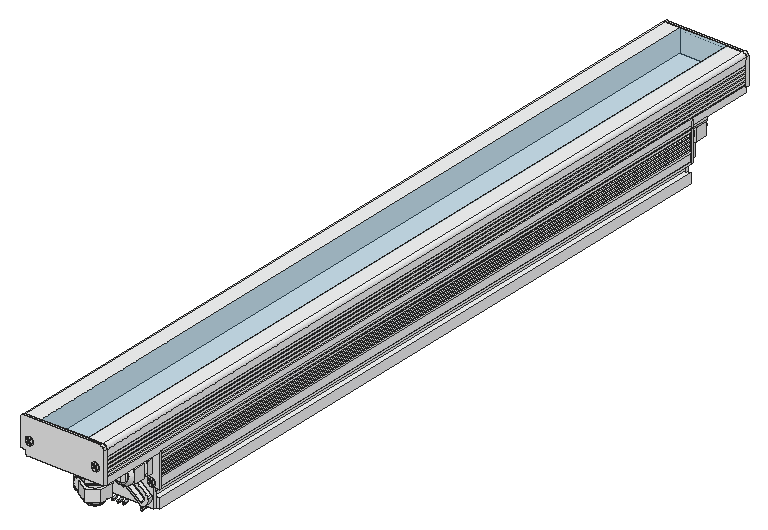
Revit family "ALS600T-AD-4RF", category Lighting Fixtures, Revit 2017 (continued)
Automatic sketch dimensions
  Extrusion 130 sketch curve to Extrusion 130 sketch curve = 0.16"
  Extrusion 138 sketch curve to Extrusion 138 sketch curve = 1.08729"
  Revolve 142 sketch curve to Revolve 142 sketch curve = 0.63207"
  Revolve 142 sketch curve to Revolve 142 sketch curve = 0.03835"
  Extrusion 144 sketch curve to Extrusion 144 sketch curve = 0.02185"
  Extrusion 162 sketch curve to Extrusion 162 sketch curve = 0.06125"
  Extrusion 162 sketch curve to Extrusion 162 sketch curve = 0.06332"
  Extrusion 162 sketch curve to Extrusion 162 sketch curve = 0.10715"
  Extrusion 162 sketch curve to Extrusion 162 sketch curve = 0.79419"
  Extrusion 162 sketch curve to Extrusion 162 sketch curve = 0.09742"
  Extrusion 163 sketch curve to Extrusion 163 sketch curve = 0.06125"
  Extrusion 163 sketch curve to Extrusion 163 sketch curve = 0.07171"
  Extrusion 163 sketch curve to Extrusion 163 sketch curve = 0.17046"
  Extrusion 163 sketch curve to Extrusion 163 sketch curve = 0.09742"
  Extrusion 163 sketch curve to Extrusion 163 sketch curve = 1.00309"  (x2)
  Extrusion 163 sketch curve to Extrusion 163 sketch curve = 0.56691"
  Extrusion 164 sketch curve to Extrusion 164 sketch curve = 0.11879"
  Extrusion 164 sketch curve to Extrusion 164 sketch curve = 0.00402"
  Extrusion 164 sketch curve to Extrusion 164 sketch curve = 0.05168"
  Extrusion 164 sketch curve to Extrusion 164 sketch curve = 0.06125"
  Extrusion 164 sketch curve to Extrusion 164 sketch curve = 0.01424"
  Extrusion 164 sketch curve to Extrusion 164 sketch curve = 0.81533"
  Extrusion 164 sketch curve to Extrusion 164 sketch curve = 0.02434"
  Extrusion 164 sketch curve to Extrusion 164 sketch curve = 0.04143"
  Extrusion 164 sketch curve to Extrusion 164 sketch curve = 0.07468"
  Extrusion 164 sketch curve to Extrusion 164 sketch curve = 0.03301"
  Extrusion 171 sketch curve to Extrusion 171 sketch curve = 0.00"  (x11)
  Extrusion 171 sketch curve to Extrusion 171 sketch curve = 0.06393"
  Extrusion 171 sketch curve to Extrusion 171 sketch curve = 0.01769"
  Extrusion 171 sketch curve to Extrusion 171 sketch curve = 0.01733"
  Extrusion 171 sketch curve to Extrusion 171 sketch curve = 0.04398"
  Extrusion 171 sketch curve to Extrusion 171 sketch curve = 0.00223"
  Extrusion 171 sketch curve to Extrusion 171 sketch curve = 0.03588"
  Extrusion 171 sketch curve to Extrusion 171 sketch curve = 0.03855"
  Extrusion 171 sketch curve to Extrusion 171 sketch curve = 0.04865"
  Extrusion 171 sketch curve to Extrusion 171 sketch curve = 0.04102"
  Extrusion 171 sketch curve to Extrusion 171 sketch curve = 0.00213"
  Extrusion 171 sketch curve to Extrusion 171 sketch curve = 0.06641"
  Extrusion 171 sketch curve to Extrusion 171 sketch curve = 0.03124"
  Extrusion 171 sketch curve to Extrusion 171 sketch curve = 0.00652"
  Extrusion 171 sketch curve to Extrusion 171 sketch curve = 0.03427"
  Extrusion 171 sketch curve to Extrusion 171 sketch curve = 0.03537"
  Extrusion 171 sketch curve to Extrusion 171 sketch curve = 0.03488"
  Extrusion 171 sketch curve to Extrusion 171 sketch curve = 0.04036"
  Extrusion 171 sketch curve to Extrusion 171 sketch curve = 0.04663"
  Extrusion 171 sketch curve to Extrusion 171 sketch curve = 0.04381"
  Extrusion 171 sketch curve to Extrusion 171 sketch curve = 0.04233"
  Extrusion 171 sketch curve to Extrusion 171 sketch curve = 0.00371"
  Extrusion 171 sketch curve to Extrusion 171 sketch curve = 0.02544"
  Extrusion 171 sketch curve to Extrusion 171 sketch curve = 0.00663"
  Extrusion 171 sketch curve to Extrusion 171 sketch curve = 0.03999"
  Extrusion 171 sketch curve to Extrusion 171 sketch curve = 0.04745"
  Extrusion 171 sketch curve to Extrusion 171 sketch curve = 0.02191"
  Extrusion 171 sketch curve to Extrusion 171 sketch curve = 0.03831"
  Extrusion 171 sketch curve to Extrusion 171 sketch curve = 0.01153"
  Extrusion 171 sketch curve to Extrusion 171 sketch curve = 0.04689"
  Extrusion 171 sketch curve to Extrusion 171 sketch curve = 0.82669"
  Extrusion 171 sketch curve to Extrusion 171 sketch curve = 0.06404"
  Extrusion 171 sketch curve to Extrusion 171 sketch curve = 0.02468"
  Extrusion 171 sketch curve to Extrusion 171 sketch curve = 0.03676"
  Extrusion 171 sketch curve to Extrusion 171 sketch curve = 0.00649"
  Extrusion 171 sketch curve to Extrusion 171 sketch curve = 0.04482"
  Extrusion 171 sketch curve to Extrusion 171 sketch curve = 0.01908"
  Extrusion 171 sketch curve to Extrusion 171 sketch curve = 0.03128"
  Extrusion 171 sketch curve to Extrusion 171 sketch curve = 0.07641"
  Revolve 175 sketch curve to Revolve 175 sketch curve = 0.08265"
  Revolve 175 sketch curve to Revolve 175 sketch curve = 0.00"  (x8)
  Revolve 175 sketch curve to Revolve 175 sketch curve = 0.00912"
  Revolve 175 sketch curve to Revolve 175 sketch curve = 0.02138"  (x5)
  Revolve 175 sketch curve to Revolve 175 sketch curve = 0.10168"
  Revolve 175 sketch curve to Revolve 175 sketch curve = 0.24933"
  Revolve 175 sketch curve to Revolve 175 sketch curve = 0.03289"  (x4)
  Revolve 175 sketch curve to Revolve 175 sketch curve = 0.03599"
  Revolve 175 sketch curve to Revolve 175 sketch curve = 0.01645"  (x2)
  Revolve 175 sketch curve to Revolve 175 sketch curve = 0.12972"
  Revolve 175 sketch curve to Revolve 175 sketch curve = 0.24566"
  Revolve 175 sketch curve to Revolve 175 sketch curve = 0.3291"
  Revolve 175 sketch curve to Revolve 175 sketch curve = 0.05672"
  Revolve 175 sketch curve to Revolve 175 sketch curve = 0.0201"
  Revolve 175 sketch curve to Revolve 175 sketch curve = 0.38174"
  Extrusion 176 sketch curve to Extrusion 176 sketch curve = 0.23137"
  Extrusion 176 sketch curve to Extrusion 176 sketch curve = 0.21826"
  Extrusion 176 sketch curve to Extrusion 176 sketch curve = 0.21658"
  Extrusion 176 sketch curve to Extrusion 176 sketch curve = 0.00196"
  Extrusion 176 sketch curve to Extrusion 176 sketch curve = 0.03301"
  Extrusion 176 sketch curve to Extrusion 176 sketch curve = 0.03497"
  Extrusion 177 sketch curve to Extrusion 177 sketch curve = 0.00"  (x4)
  Extrusion 177 sketch curve to Extrusion 177 sketch curve = 0.02745"  (x4)
  Extrusion 177 sketch curve to Extrusion 177 sketch curve = 0.04686"
  Extrusion 177 sketch curve to Extrusion 177 sketch curve = 0.0306"  (x2)
  Extrusion 177 sketch curve to Extrusion 177 sketch curve = 0.05001"  (x2)
  Extrusion 177 sketch curve to Extrusion 177 sketch curve = 0.01789"  (x2)
  Extrusion 178 sketch curve to Extrusion 178 sketch curve = 0.00"  (x4)
  Extrusion 178 sketch curve to Extrusion 178 sketch curve = 0.02745"  (x4)
  Extrusion 178 sketch curve to Extrusion 178 sketch curve = 0.04686"
  Extrusion 178 sketch curve to Extrusion 178 sketch curve = 0.0306"  (x2)
  Extrusion 178 sketch curve to Extrusion 178 sketch curve = 0.05001"  (x2)
  Extrusion 178 sketch curve to Extrusion 178 sketch curve = 0.02185"
  Extrusion 178 sketch curve to Extrusion 178 sketch curve = 0.01789"  (x2)
  Extrusion 179 sketch curve to Extrusion 179 sketch curve = 0.00"  (x4)
  Extrusion 179 sketch curve to Extrusion 179 sketch curve = 0.02745"  (x4)
  Extrusion 179 sketch curve to Extrusion 179 sketch curve = 0.04686"
  Extrusion 179 sketch curve to Extrusion 179 sketch curve = 0.0306"  (x2)
  Extrusion 179 sketch curve to Extrusion 179 sketch curve = 0.05001"  (x2)
  Extrusion 179 sketch curve to Extrusion 179 sketch curve = 0.02185"
  Extrusion 179 sketch curve to Extrusion 179 sketch curve = 0.01789"  (x2)
  Extrusion 180 sketch curve to Extrusion 180 sketch curve = 0.00"  (x4)
  Extrusion 180 sketch curve to Extrusion 180 sketch curve = 0.02745"  (x4)
  Extrusion 180 sketch curve to Extrusion 180 sketch curve = 0.04686"
  Extrusion 180 sketch curve to Extrusion 180 sketch curve = 0.0306"  (x2)
  Extrusion 180 sketch curve to Extrusion 180 sketch curve = 0.05001"  (x2)
  Extrusion 180 sketch curve to Extrusion 180 sketch curve = 0.02185"
  Extrusion 180 sketch curve to Extrusion 180 sketch curve = 0.01789"  (x2)
  Extrusion 181 sketch curve to Extrusion 181 sketch curve = 0.00"  (x4)
  Extrusion 181 sketch curve to Extrusion 181 sketch curve = 0.02745"  (x4)
  Extrusion 181 sketch curve to Extrusion 181 sketch curve = 0.04686"
  Extrusion 181 sketch curve to Extrusion 181 sketch curve = 0.0306"  (x2)
  Extrusion 181 sketch curve to Extrusion 181 sketch curve = 0.05001"  (x2)
  Extrusion 181 sketch curve to Extrusion 181 sketch curve = 0.02185"
  Extrusion 181 sketch curve to Extrusion 181 sketch curve = 0.01789"  (x2)
  Extrusion 162 sketch curve to Extrusion 162 sketch curve = 2.30043"
  Extrusion 162 sketch curve to Extrusion 162 sketch curve = 0.11242"
  Extrusion 163 sketch curve to Extrusion 163 sketch curve = 2.20"
  Extrusion 163 sketch curve to Extrusion 163 sketch curve = 0.16"
  Extrusion 171 sketch curve to Extrusion 171 sketch curve = 1.08729"
  Revolve 175 sketch curve to Revolve 175 sketch curve = 0.63207"
  Revolve 175 sketch curve to Revolve 175 sketch curve = 0.03835"
  Extrusion 177 sketch curve to Extrusion 177 sketch curve = 0.02185"
  Extrusion 195 sketch curve to Extrusion 195 sketch curve = 0.06125"
  Extrusion 195 sketch curve to Extrusion 195 sketch curve = 2.30043"
  Extrusion 195 sketch curve to Extrusion 195 sketch curve = 0.11242"
  Extrusion 195 sketch curve to Extrusion 195 sketch curve = 0.79419"
  Extrusion 195 sketch curve to Extrusion 195 sketch curve = 0.09742"
  Extrusion 196 sketch curve to Extrusion 196 sketch curve = 0.06125"
  Extrusion 196 sketch curve to Extrusion 196 sketch curve = 2.20"
  Extrusion 196 sketch curve to Extrusion 196 sketch curve = 0.16"  (x2)
  Extrusion 196 sketch curve to Extrusion 196 sketch curve = 1.00309"  (x2)
  Extrusion 196 sketch curve to Extrusion 196 sketch curve = 0.09742"
  Extrusion 200 sketch curve to Extrusion 200 sketch curve = 0.00402"
  Extrusion 200 sketch curve to Extrusion 200 sketch curve = 0.05168"
  Extrusion 200 sketch curve to Extrusion 200 sketch curve = 0.06125"
  Extrusion 200 sketch curve to Extrusion 200 sketch curve = 0.01424"
  Extrusion 200 sketch curve to Extrusion 200 sketch curve = 0.81533"
  Extrusion 200 sketch curve to Extrusion 200 sketch curve = 0.02434"
  Extrusion 200 sketch curve to Extrusion 200 sketch curve = 0.04143"
  Extrusion 200 sketch curve to Extrusion 200 sketch curve = 0.07468"
  Extrusion 200 sketch curve to Extrusion 200 sketch curve = 0.03301"
  Extrusion 207 sketch curve to Extrusion 207 sketch curve = 0.00"  (x11)
  Extrusion 207 sketch curve to Extrusion 207 sketch curve = 0.06393"
  Extrusion 207 sketch curve to Extrusion 207 sketch curve = 0.01769"
  Extrusion 207 sketch curve to Extrusion 207 sketch curve = 0.01733"
  Extrusion 207 sketch curve to Extrusion 207 sketch curve = 0.04398"
  Extrusion 207 sketch curve to Extrusion 207 sketch curve = 0.00223"
  Extrusion 207 sketch curve to Extrusion 207 sketch curve = 0.03588"
  Extrusion 207 sketch curve to Extrusion 207 sketch curve = 0.03855"
  Extrusion 207 sketch curve to Extrusion 207 sketch curve = 0.04865"
  Extrusion 207 sketch curve to Extrusion 207 sketch curve = 1.08729"
  Extrusion 207 sketch curve to Extrusion 207 sketch curve = 0.04102"
  Extrusion 207 sketch curve to Extrusion 207 sketch curve = 0.00213"
  Extrusion 207 sketch curve to Extrusion 207 sketch curve = 0.06641"
  Extrusion 207 sketch curve to Extrusion 207 sketch curve = 0.03124"
  Extrusion 207 sketch curve to Extrusion 207 sketch curve = 0.00652"
  Extrusion 207 sketch curve to Extrusion 207 sketch curve = 0.03427"
  Extrusion 207 sketch curve to Extrusion 207 sketch curve = 0.03537"
  Extrusion 207 sketch curve to Extrusion 207 sketch curve = 0.03488"
  Extrusion 207 sketch curve to Extrusion 207 sketch curve = 0.04036"
  Extrusion 207 sketch curve to Extrusion 207 sketch curve = 0.04663"
  Extrusion 207 sketch curve to Extrusion 207 sketch curve = 0.04381"
  Extrusion 207 sketch curve to Extrusion 207 sketch curve = 0.03999"
  Extrusion 207 sketch curve to Extrusion 207 sketch curve = 0.04745"
  Extrusion 207 sketch curve to Extrusion 207 sketch curve = 0.02191"
  Extrusion 207 sketch curve to Extrusion 207 sketch curve = 0.01153"
  Extrusion 207 sketch curve to Extrusion 207 sketch curve = 0.06404"
  Extrusion 207 sketch curve to Extrusion 207 sketch curve = 0.02468"
  Extrusion 207 sketch curve to Extrusion 207 sketch curve = 0.03676"
  Extrusion 207 sketch curve to Extrusion 207 sketch curve = 0.00649"
  Extrusion 207 sketch curve to Extrusion 207 sketch curve = 0.04482"
  Extrusion 207 sketch curve to Extrusion 207 sketch curve = 0.01908"
  Extrusion 207 sketch curve to Extrusion 207 sketch curve = 0.03128"
  Extrusion 207 sketch curve to Extrusion 207 sketch curve = 0.07641"
  Revolve 211 sketch curve to Revolve 211 sketch curve = 0.08265"
  Revolve 211 sketch curve to Revolve 211 sketch curve = 0.00"  (x8)
  Revolve 211 sketch curve to Revolve 211 sketch curve = 0.00912"
  Revolve 211 sketch curve to Revolve 211 sketch curve = 0.02138"  (x5)
  Revolve 211 sketch curve to Revolve 211 sketch curve = 0.10168"
  Revolve 211 sketch curve to Revolve 211 sketch curve = 0.24933"
  Revolve 211 sketch curve to Revolve 211 sketch curve = 0.63207"
  Revolve 211 sketch curve to Revolve 211 sketch curve = 0.03289"  (x4)
  Revolve 211 sketch curve to Revolve 211 sketch curve = 0.03599"
  Revolve 211 sketch curve to Revolve 211 sketch curve = 0.01645"  (x2)
  Revolve 211 sketch curve to Revolve 211 sketch curve = 0.12972"
  Revolve 211 sketch curve to Revolve 211 sketch curve = 0.24566"
  Revolve 211 sketch curve to Revolve 211 sketch curve = 0.3291"
  Revolve 211 sketch curve to Revolve 211 sketch curve = 0.05672"
  Revolve 211 sketch curve to Revolve 211 sketch curve = 0.0201"
  Revolve 211 sketch curve to Revolve 211 sketch curve = 0.38174"
  Extrusion 212 sketch curve to Extrusion 212 sketch curve = 0.23137"
  Extrusion 212 sketch curve to Extrusion 212 sketch curve = 0.21826"
  Extrusion 212 sketch curve to Extrusion 212 sketch curve = 0.21658"
  Extrusion 212 sketch curve to Extrusion 212 sketch curve = 0.00196"
  Extrusion 212 sketch curve to Extrusion 212 sketch curve = 0.03301"
  Extrusion 212 sketch curve to Extrusion 212 sketch curve = 0.03497"
  Extrusion 213 sketch curve to Extrusion 213 sketch curve = 0.00"  (x4)
  Extrusion 213 sketch curve to Extrusion 213 sketch curve = 0.02745"  (x4)
  Extrusion 213 sketch curve to Extrusion 213 sketch curve = 0.04686"
  Extrusion 213 sketch curve to Extrusion 213 sketch curve = 0.0306"  (x2)
  Extrusion 213 sketch curve to Extrusion 213 sketch curve = 0.05001"  (x2)
  Extrusion 213 sketch curve to Extrusion 213 sketch curve = 0.02185"
  Extrusion 213 sketch curve to Extrusion 213 sketch curve = 0.01789"  (x2)
  Extrusion 214 sketch curve to Extrusion 214 sketch curve = 0.00"  (x4)
  Extrusion 214 sketch curve to Extrusion 214 sketch curve = 0.02745"  (x4)
  Extrusion 214 sketch curve to Extrusion 214 sketch curve = 0.04686"
  Extrusion 214 sketch curve to Extrusion 214 sketch curve = 0.0306"  (x2)
  Extrusion 214 sketch curve to Extrusion 214 sketch curve = 0.05001"  (x2)
  Extrusion 214 sketch curve to Extrusion 214 sketch curve = 0.02185"
  Extrusion 214 sketch curve to Extrusion 214 sketch curve = 0.01789"  (x2)
  Extrusion 215 sketch curve to Extrusion 215 sketch curve = 0.00"  (x4)
  Extrusion 215 sketch curve to Extrusion 215 sketch curve = 0.02745"  (x4)
  Extrusion 215 sketch curve to Extrusion 215 sketch curve = 0.04686"
  Extrusion 215 sketch curve to Extrusion 215 sketch curve = 0.0306"  (x2)
  Extrusion 215 sketch curve to Extrusion 215 sketch curve = 0.05001"  (x2)
  Extrusion 215 sketch curve to Extrusion 215 sketch curve = 0.02185"
  Extrusion 215 sketch curve to Extrusion 215 sketch curve = 0.01789"  (x2)
  Extrusion 216 sketch curve to Extrusion 216 sketch curve = 0.00"  (x4)
  Extrusion 216 sketch curve to Extrusion 216 sketch curve = 0.02745"  (x4)
  Extrusion 216 sketch curve to Extrusion 216 sketch curve = 0.04686"
  Extrusion 216 sketch curve to Extrusion 216 sketch curve = 0.0306"  (x2)
  Extrusion 216 sketch curve to Extrusion 216 sketch curve = 0.05001"  (x2)
  Extrusion 216 sketch curve to Extrusion 216 sketch curve = 0.04098"
  Extrusion 216 sketch curve to Extrusion 216 sketch curve = 0.01789"  (x2)
  Extrusion 217 sketch curve to Extrusion 217 sketch curve = 0.00"  (x4)
  Extrusion 217 sketch curve to Extrusion 217 sketch curve = 0.02745"  (x4)
  Extrusion 217 sketch curve to Extrusion 217 sketch curve = 0.0306"  (x2)
  Extrusion 217 sketch curve to Extrusion 217 sketch curve = 0.05001"  (x2)
  Extrusion 217 sketch curve to Extrusion 217 sketch curve = 0.01789"  (x2)
  Extrusion 195 sketch curve to Extrusion 195 sketch curve = 0.10715"
  Extrusion 195 sketch curve to Extrusion 195 sketch curve = 0.17046"
  Extrusion 196 sketch curve to Extrusion 196 sketch curve = 0.17046"
  Extrusion 196 sketch curve to Extrusion 196 sketch curve = 0.56691"
  Extrusion 200 sketch curve to Extrusion 200 sketch curve = 0.11879"
  Extrusion 207 sketch curve to Extrusion 207 sketch curve = 0.04233"
  Extrusion 207 sketch curve to Extrusion 207 sketch curve = 0.00371"
  Extrusion 207 sketch curve to Extrusion 207 sketch curve = 0.02544"
  Extrusion 207 sketch curve to Extrusion 207 sketch curve = 0.00663"
  Extrusion 207 sketch curve to Extrusion 207 sketch curve = 0.05734"
  Extrusion 207 sketch curve to Extrusion 207 sketch curve = 0.04689"
  Extrusion 207 sketch curve to Extrusion 207 sketch curve = 0.82669"
  Revolve 211 sketch curve to Revolve 211 sketch curve = 0.03835"
  Extrusion 217 sketch curve to Extrusion 217 sketch curve = 0.04686"
  Extrusion 217 sketch curve to Extrusion 217 sketch curve = 0.02185"
  plane 13 to Revolve 211 sketch curve = 2.0768"
  plane 13 to Extrusion 213 sketch curve = 1.20498"
  Extrusion 231 sketch curve to Extrusion 231 sketch curve = 0.06125"
  Extrusion 231 sketch curve to Extrusion 231 sketch curve = 2.30043"
  Extrusion 231 sketch curve to Extrusion 231 sketch curve = 0.11242"
  Extrusion 231 sketch curve to Extrusion 231 sketch curve = 0.79419"
  Extrusion 231 sketch curve to Extrusion 231 sketch curve = 0.09742"
  Extrusion 232 sketch curve to Extrusion 232 sketch curve = 0.06125"
  Extrusion 232 sketch curve to Extrusion 232 sketch curve = 2.20"
  Extrusion 232 sketch curve to Extrusion 232 sketch curve = 0.16"  (x2)
  Extrusion 232 sketch curve to Extrusion 232 sketch curve = 1.00309"  (x2)
  Extrusion 232 sketch curve to Extrusion 232 sketch curve = 0.09742"
  Extrusion 236 sketch curve to Extrusion 236 sketch curve = 0.00402"
  Extrusion 236 sketch curve to Extrusion 236 sketch curve = 0.05168"
  Extrusion 236 sketch curve to Extrusion 236 sketch curve = 0.06125"
  Extrusion 236 sketch curve to Extrusion 236 sketch curve = 0.01424"
  Extrusion 236 sketch curve to Extrusion 236 sketch curve = 0.81533"
  Extrusion 236 sketch curve to Extrusion 236 sketch curve = 0.02434"
  Extrusion 236 sketch curve to Extrusion 236 sketch curve = 0.04143"
  Extrusion 236 sketch curve to Extrusion 236 sketch curve = 0.07468"
  Extrusion 236 sketch curve to Extrusion 236 sketch curve = 0.03301"
  Extrusion 243 sketch curve to Extrusion 243 sketch curve = 0.00"  (x11)
  Extrusion 243 sketch curve to Extrusion 243 sketch curve = 0.06393"
  Extrusion 243 sketch curve to Extrusion 243 sketch curve = 0.01769"
  Extrusion 243 sketch curve to Extrusion 243 sketch curve = 0.01733"
  Extrusion 243 sketch curve to Extrusion 243 sketch curve = 0.04398"
  Extrusion 243 sketch curve to Extrusion 243 sketch curve = 0.00223"
  Extrusion 243 sketch curve to Extrusion 243 sketch curve = 0.03588"
  Extrusion 243 sketch curve to Extrusion 243 sketch curve = 0.03855"
  Extrusion 243 sketch curve to Extrusion 243 sketch curve = 0.04865"
  Extrusion 243 sketch curve to Extrusion 243 sketch curve = 1.08729"
  Extrusion 243 sketch curve to Extrusion 243 sketch curve = 0.04102"
  Extrusion 243 sketch curve to Extrusion 243 sketch curve = 0.00213"
  Extrusion 243 sketch curve to Extrusion 243 sketch curve = 0.06641"
  Extrusion 243 sketch curve to Extrusion 243 sketch curve = 0.03124"
  Extrusion 243 sketch curve to Extrusion 243 sketch curve = 0.00652"
  Extrusion 243 sketch curve to Extrusion 243 sketch curve = 0.03427"
  Extrusion 243 sketch curve to Extrusion 243 sketch curve = 0.03537"
  Extrusion 243 sketch curve to Extrusion 243 sketch curve = 0.03488"
  Extrusion 243 sketch curve to Extrusion 243 sketch curve = 0.04036"
  Extrusion 243 sketch curve to Extrusion 243 sketch curve = 0.04663"
  Extrusion 243 sketch curve to Extrusion 243 sketch curve = 0.04381"
  Extrusion 243 sketch curve to Extrusion 243 sketch curve = 0.03999"
  Extrusion 243 sketch curve to Extrusion 243 sketch curve = 0.04745"
  Extrusion 243 sketch curve to Extrusion 243 sketch curve = 0.02191"
  Extrusion 243 sketch curve to Extrusion 243 sketch curve = 0.01153"
  Extrusion 243 sketch curve to Extrusion 243 sketch curve = 0.06404"
  Extrusion 243 sketch curve to Extrusion 243 sketch curve = 0.02468"
  Extrusion 243 sketch curve to Extrusion 243 sketch curve = 0.03676"
  Extrusion 243 sketch curve to Extrusion 243 sketch curve = 0.00649"
  Extrusion 243 sketch curve to Extrusion 243 sketch curve = 0.04482"
  Extrusion 243 sketch curve to Extrusion 243 sketch curve = 0.01908"
  Extrusion 243 sketch curve to Extrusion 243 sketch curve = 0.03128"
  Extrusion 243 sketch curve to Extrusion 243 sketch curve = 0.07641"
  Revolve 247 sketch curve to Revolve 247 sketch curve = 0.08265"
  Revolve 247 sketch curve to Revolve 247 sketch curve = 0.00"  (x8)
  Revolve 247 sketch curve to Revolve 247 sketch curve = 0.00912"
  Revolve 247 sketch curve to Revolve 247 sketch curve = 0.02138"  (x5)
  Revolve 247 sketch curve to Revolve 247 sketch curve = 0.10168"
  Revolve 247 sketch curve to Revolve 247 sketch curve = 0.24933"
  Revolve 247 sketch curve to Revolve 247 sketch curve = 0.63207"
  Revolve 247 sketch curve to Revolve 247 sketch curve = 0.03289"  (x4)
  Revolve 247 sketch curve to Revolve 247 sketch curve = 0.03599"
  Revolve 247 sketch curve to Revolve 247 sketch curve = 0.01645"  (x2)
  Revolve 247 sketch curve to Revolve 247 sketch curve = 0.12972"
  Revolve 247 sketch curve to Revolve 247 sketch curve = 0.24566"
  Revolve 247 sketch curve to Revolve 247 sketch curve = 0.3291"
  Revolve 247 sketch curve to Revolve 247 sketch curve = 0.05672"
  Revolve 247 sketch curve to Revolve 247 sketch curve = 0.0201"
  Revolve 247 sketch curve to Revolve 247 sketch curve = 0.38174"
  Extrusion 248 sketch curve to Extrusion 248 sketch curve = 0.23137"
  Extrusion 248 sketch curve to Extrusion 248 sketch curve = 0.21826"
  Extrusion 248 sketch curve to Extrusion 248 sketch curve = 0.21658"
  Extrusion 248 sketch curve to Extrusion 248 sketch curve = 0.00196"
  Extrusion 248 sketch curve to Extrusion 248 sketch curve = 0.03301"
  Extrusion 248 sketch curve to Extrusion 248 sketch curve = 0.03497"
  Extrusion 249 sketch curve to Extrusion 249 sketch curve = 0.00"  (x4)
  Extrusion 249 sketch curve to Extrusion 249 sketch curve = 0.02745"  (x4)
  Extrusion 249 sketch curve to Extrusion 249 sketch curve = 0.04686"
  Extrusion 249 sketch curve to Extrusion 249 sketch curve = 0.0306"  (x2)
  Extrusion 249 sketch curve to Extrusion 249 sketch curve = 0.05001"  (x2)
  Extrusion 249 sketch curve to Extrusion 249 sketch curve = 0.02185"
  Extrusion 249 sketch curve to Extrusion 249 sketch curve = 0.01789"  (x2)
  Extrusion 250 sketch curve to Extrusion 250 sketch curve = 0.00"  (x4)
  Extrusion 250 sketch curve to Extrusion 250 sketch curve = 0.02745"  (x4)
  Extrusion 250 sketch curve to Extrusion 250 sketch curve = 0.04686"
  Extrusion 250 sketch curve to Extrusion 250 sketch curve = 0.0306"  (x2)
  Extrusion 250 sketch curve to Extrusion 250 sketch curve = 0.05001"  (x2)
  Extrusion 250 sketch curve to Extrusion 250 sketch curve = 0.02185"
  Extrusion 250 sketch curve to Extrusion 250 sketch curve = 0.01789"  (x2)
  Extrusion 251 sketch curve to Extrusion 251 sketch curve = 0.00"  (x4)
  Extrusion 251 sketch curve to Extrusion 251 sketch curve = 0.02745"  (x4)
  Extrusion 251 sketch curve to Extrusion 251 sketch curve = 0.04686"
  Extrusion 251 sketch curve to Extrusion 251 sketch curve = 0.0306"  (x2)
  Extrusion 251 sketch curve to Extrusion 251 sketch curve = 0.05001"  (x2)
  Extrusion 251 sketch curve to Extrusion 251 sketch curve = 0.02185"
  Extrusion 251 sketch curve to Extrusion 251 sketch curve = 0.01789"  (x2)
  Extrusion 252 sketch curve to Extrusion 252 sketch curve = 0.00"  (x4)
  Extrusion 252 sketch curve to Extrusion 252 sketch curve = 0.02745"  (x4)
  Extrusion 252 sketch curve to Extrusion 252 sketch curve = 0.04686"
  Extrusion 252 sketch curve to Extrusion 252 sketch curve = 0.0306"  (x2)
  Extrusion 252 sketch curve to Extrusion 252 sketch curve = 0.05001"  (x2)
  Extrusion 252 sketch curve to Extrusion 252 sketch curve = 0.04098"
  Extrusion 252 sketch curve to Extrusion 252 sketch curve = 0.01789"  (x2)
  Extrusion 253 sketch curve to Extrusion 253 sketch curve = 0.00"  (x4)
  Extrusion 253 sketch curve to Extrusion 253 sketch curve = 0.02745"  (x4)
  Extrusion 253 sketch curve to Extrusion 253 sketch curve = 0.0306"  (x2)
  Extrusion 253 sketch curve to Extrusion 253 sketch curve = 0.05001"  (x2)
  Extrusion 253 sketch curve to Extrusion 253 sketch curve = 0.01789"  (x2)
  Extrusion 231 sketch curve to Extrusion 231 sketch curve = 0.10715"
  Extrusion 231 sketch curve to Extrusion 231 sketch curve = 0.17046"
  Extrusion 232 sketch curve to Extrusion 232 sketch curve = 0.17046"
  Extrusion 232 sketch curve to Extrusion 232 sketch curve = 0.56691"
  Extrusion 236 sketch curve to Extrusion 236 sketch curve = 0.11879"
  Extrusion 243 sketch curve to Extrusion 243 sketch curve = 0.04233"
  Extrusion 243 sketch curve to Extrusion 243 sketch curve = 0.00371"
  Extrusion 243 sketch curve to Extrusion 243 sketch curve = 0.02544"
  Extrusion 243 sketch curve to Extrusion 243 sketch curve = 0.00663"
  Extrusion 243 sketch curve to Extrusion 243 sketch curve = 0.05734"
  Extrusion 243 sketch curve to Extrusion 243 sketch curve = 0.04689"
  Extrusion 243 sketch curve to Extrusion 243 sketch curve = 0.82669"
  Revolve 247 sketch curve to Revolve 247 sketch curve = 0.03835"
  Extrusion 253 sketch curve to Extrusion 253 sketch curve = 0.04686"
  Extrusion 253 sketch curve to Extrusion 253 sketch curve = 0.02185"
  Extrusion 267 sketch curve to Extrusion 267 sketch curve = 0.06125"
  Extrusion 267 sketch curve to Extrusion 267 sketch curve = 2.30043"
  Extrusion 267 sketch curve to Extrusion 267 sketch curve = 0.11242"
  Extrusion 267 sketch curve to Extrusion 267 sketch curve = 0.79419"
  Extrusion 267 sketch curve to Extrusion 267 sketch curve = 0.09742"
  Extrusion 268 sketch curve to Extrusion 268 sketch curve = 0.06125"
  Extrusion 268 sketch curve to Extrusion 268 sketch curve = 2.20"
  Extrusion 268 sketch curve to Extrusion 268 sketch curve = 0.16"  (x2)
  Extrusion 268 sketch curve to Extrusion 268 sketch curve = 1.00309"  (x2)
  Extrusion 268 sketch curve to Extrusion 268 sketch curve = 0.09742"
  Extrusion 272 sketch curve to Extrusion 272 sketch curve = 0.00402"
  Extrusion 272 sketch curve to Extrusion 272 sketch curve = 0.05168"
  Extrusion 272 sketch curve to Extrusion 272 sketch curve = 0.06125"
  Extrusion 272 sketch curve to Extrusion 272 sketch curve = 0.01424"
  Extrusion 272 sketch curve to Extrusion 272 sketch curve = 0.81533"
  Extrusion 272 sketch curve to Extrusion 272 sketch curve = 0.02434"
  Extrusion 272 sketch curve to Extrusion 272 sketch curve = 0.04143"
  Extrusion 272 sketch curve to Extrusion 272 sketch curve = 0.07468"
  Extrusion 272 sketch curve to Extrusion 272 sketch curve = 0.03301"
  Extrusion 279 sketch curve to Extrusion 279 sketch curve = 0.00"  (x11)
  Extrusion 279 sketch curve to Extrusion 279 sketch curve = 0.06393"
  Extrusion 279 sketch curve to Extrusion 279 sketch curve = 0.01769"
  Extrusion 279 sketch curve to Extrusion 279 sketch curve = 0.01733"
  Extrusion 279 sketch curve to Extrusion 279 sketch curve = 0.04398"
  Extrusion 279 sketch curve to Extrusion 279 sketch curve = 0.00223"
  Extrusion 279 sketch curve to Extrusion 279 sketch curve = 0.03588"
  Extrusion 279 sketch curve to Extrusion 279 sketch curve = 0.03855"
  Extrusion 279 sketch curve to Extrusion 279 sketch curve = 0.04865"
  Extrusion 279 sketch curve to Extrusion 279 sketch curve = 1.08729"
  Extrusion 279 sketch curve to Extrusion 279 sketch curve = 0.04102"
  Extrusion 279 sketch curve to Extrusion 279 sketch curve = 0.00213"
  Extrusion 279 sketch curve to Extrusion 279 sketch curve = 0.06641"
  Extrusion 279 sketch curve to Extrusion 279 sketch curve = 0.03124"
  Extrusion 279 sketch curve to Extrusion 279 sketch curve = 0.00652"
  Extrusion 279 sketch curve to Extrusion 279 sketch curve = 0.03427"
  Extrusion 279 sketch curve to Extrusion 279 sketch curve = 0.03537"
  Extrusion 279 sketch curve to Extrusion 279 sketch curve = 0.03488"
  Extrusion 279 sketch curve to Extrusion 279 sketch curve = 0.04036"
  Extrusion 279 sketch curve to Extrusion 279 sketch curve = 0.04663"
  Extrusion 279 sketch curve to Extrusion 279 sketch curve = 0.04381"
  Extrusion 279 sketch curve to Extrusion 279 sketch curve = 0.03999"
  Extrusion 279 sketch curve to Extrusion 279 sketch curve = 0.04745"
  Extrusion 279 sketch curve to Extrusion 279 sketch curve = 0.02191"
  Extrusion 279 sketch curve to Extrusion 279 sketch curve = 0.01153"
  Extrusion 279 sketch curve to Extrusion 279 sketch curve = 0.06404"
  Extrusion 279 sketch curve to Extrusion 279 sketch curve = 0.02468"
  Extrusion 279 sketch curve to Extrusion 279 sketch curve = 0.03676"
  Extrusion 279 sketch curve to Extrusion 279 sketch curve = 0.00649"
  Extrusion 279 sketch curve to Extrusion 279 sketch curve = 0.04482"
  Extrusion 279 sketch curve to Extrusion 279 sketch curve = 0.01908"
  Extrusion 279 sketch curve to Extrusion 279 sketch curve = 0.03128"
  Extrusion 279 sketch curve to Extrusion 279 sketch curve = 0.07641"
  Revolve 283 sketch curve to Revolve 283 sketch curve = 0.08265"
  Revolve 283 sketch curve to Revolve 283 sketch curve = 0.00"  (x8)
  Revolve 283 sketch curve to Revolve 283 sketch curve = 0.00912"
  Revolve 283 sketch curve to Revolve 283 sketch curve = 0.02138"  (x5)
  Revolve 283 sketch curve to Revolve 283 sketch curve = 0.10168"
  Revolve 283 sketch curve to Revolve 283 sketch curve = 0.24933"
  Revolve 283 sketch curve to Revolve 283 sketch curve = 0.63207"
  Revolve 283 sketch curve to Revolve 283 sketch curve = 0.03289"  (x4)
  Revolve 283 sketch curve to Revolve 283 sketch curve = 0.03599"
  Revolve 283 sketch curve to Revolve 283 sketch curve = 0.01645"  (x2)
  Revolve 283 sketch curve to Revolve 283 sketch curve = 0.12972"
  Revolve 283 sketch curve to Revolve 283 sketch curve = 0.24566"
  Revolve 283 sketch curve to Revolve 283 sketch curve = 0.3291"
  Revolve 283 sketch curve to Revolve 283 sketch curve = 0.05672"
  Revolve 283 sketch curve to Revolve 283 sketch curve = 0.0201"
  Revolve 283 sketch curve to Revolve 283 sketch curve = 0.38174"
  Extrusion 284 sketch curve to Extrusion 284 sketch curve = 0.23137"
  Extrusion 284 sketch curve to Extrusion 284 sketch curve = 0.21826"
  Extrusion 284 sketch curve to Extrusion 284 sketch curve = 0.21658"
  Extrusion 284 sketch curve to Extrusion 284 sketch curve = 0.00196"
  Extrusion 284 sketch curve to Extrusion 284 sketch curve = 0.03301"
  Extrusion 284 sketch curve to Extrusion 284 sketch curve = 0.03497"
  Extrusion 285 sketch curve to Extrusion 285 sketch curve = 0.00"  (x4)
  Extrusion 285 sketch curve to Extrusion 285 sketch curve = 0.02745"  (x4)
  Extrusion 285 sketch curve to Extrusion 285 sketch curve = 0.04686"
  Extrusion 285 sketch curve to Extrusion 285 sketch curve = 0.0306"  (x2)
  Extrusion 285 sketch curve to Extrusion 285 sketch curve = 0.05001"  (x2)
  Extrusion 285 sketch curve to Extrusion 285 sketch curve = 0.02185"
  Extrusion 285 sketch curve to Extrusion 285 sketch curve = 0.01789"  (x2)
  Extrusion 286 sketch curve to Extrusion 286 sketch curve = 0.00"  (x4)
  Extrusion 286 sketch curve to Extrusion 286 sketch curve = 0.02745"  (x4)
  Extrusion 286 sketch curve to Extrusion 286 sketch curve = 0.04686"
  Extrusion 286 sketch curve to Extrusion 286 sketch curve = 0.0306"  (x2)
  Extrusion 286 sketch curve to Extrusion 286 sketch curve = 0.05001"  (x2)
  Extrusion 286 sketch curve to Extrusion 286 sketch curve = 0.02185"
  Extrusion 286 sketch curve to Extrusion 286 sketch curve = 0.01789"  (x2)
  Extrusion 287 sketch curve to Extrusion 287 sketch curve = 0.00"  (x4)
  Extrusion 287 sketch curve to Extrusion 287 sketch curve = 0.02745"  (x4)
  Extrusion 287 sketch curve to Extrusion 287 sketch curve = 0.04686"
  Extrusion 287 sketch curve to Extrusion 287 sketch curve = 0.0306"  (x2)
  Extrusion 287 sketch curve to Extrusion 287 sketch curve = 0.05001"  (x2)
  Extrusion 287 sketch curve to Extrusion 287 sketch curve = 0.02185"
  Extrusion 287 sketch curve to Extrusion 287 sketch curve = 0.01789"  (x2)
  Extrusion 288 sketch curve to Extrusion 288 sketch curve = 0.00"  (x4)
  Extrusion 288 sketch curve to Extrusion 288 sketch curve = 0.02745"  (x4)
  Extrusion 288 sketch curve to Extrusion 288 sketch curve = 0.04686"
  Extrusion 288 sketch curve to Extrusion 288 sketch curve = 0.0306"  (x2)
  Extrusion 288 sketch curve to Extrusion 288 sketch curve = 0.05001"  (x2)
  Extrusion 288 sketch curve to Extrusion 288 sketch curve = 0.04098"
  Extrusion 288 sketch curve to Extrusion 288 sketch curve = 0.01789"  (x2)
  Extrusion 289 sketch curve to Extrusion 289 sketch curve = 0.00"  (x4)
  Extrusion 289 sketch curve to Extrusion 289 sketch curve = 0.02745"  (x4)
  Extrusion 289 sketch curve to Extrusion 289 sketch curve = 0.0306"  (x2)
  Extrusion 289 sketch curve to Extrusion 289 sketch curve = 0.05001"  (x2)
  Extrusion 289 sketch curve to Extrusion 289 sketch curve = 0.01789"  (x2)
  Extrusion 267 sketch curve to Extrusion 267 sketch curve = 0.10715"
  Extrusion 267 sketch curve to Extrusion 267 sketch curve = 0.17046"
  Extrusion 268 sketch curve to Extrusion 268 sketch curve = 0.17046"
  Extrusion 268 sketch curve to Extrusion 268 sketch curve = 0.56691"
  Extrusion 272 sketch curve to Extrusion 272 sketch curve = 0.11879"
  Extrusion 279 sketch curve to Extrusion 279 sketch curve = 0.04233"
  Extrusion 279 sketch curve to Extrusion 279 sketch curve = 0.00371"
  Extrusion 279 sketch curve to Extrusion 279 sketch curve = 0.02544"
  Extrusion 279 sketch curve to Extrusion 279 sketch curve = 0.00663"
  Extrusion 279 sketch curve to Extrusion 279 sketch curve = 0.05734"
  Extrusion 279 sketch curve to Extrusion 279 sketch curve = 0.04689"
  Extrusion 279 sketch curve to Extrusion 279 sketch curve = 0.82669"
  Revolve 283 sketch curve to Revolve 283 sketch curve = 0.03835"
  Extrusion 289 sketch curve to Extrusion 289 sketch curve = 0.04686"
  Extrusion 289 sketch curve to Extrusion 289 sketch curve = 0.02185"
  Extrusion 1 sketch curve to Extrusion 1 sketch curve = 0.06125"
  Extrusion 1 sketch curve to Extrusion 1 sketch curve = 2.30043"
  Extrusion 1 sketch curve to Extrusion 1 sketch curve = 0.11242"
  Extrusion 1 sketch curve to Extrusion 1 sketch curve = 0.79419"
  Extrusion 1 sketch curve to Extrusion 1 sketch curve = 0.09742"
  Extrusion 3 sketch curve to Extrusion 3 sketch curve = 0.06125"
  Extrusion 3 sketch curve to Extrusion 3 sketch curve = 2.20"
  Extrusion 3 sketch curve to Extrusion 3 sketch curve = 0.16"  (x2)
  Extrusion 3 sketch curve to Extrusion 3 sketch curve = 1.00309"  (x2)
  Extrusion 3 sketch curve to Extrusion 3 sketch curve = 0.09742"
  Extrusion 11 sketch curve to Extrusion 11 sketch curve = 0.00402"
  Extrusion 11 sketch curve to Extrusion 11 sketch curve = 0.05168"
  Extrusion 11 sketch curve to Extrusion 11 sketch curve = 0.06125"
  Extrusion 11 sketch curve to Extrusion 11 sketch curve = 0.01424"
  Extrusion 11 sketch curve to Extrusion 11 sketch curve = 0.81533"
  Extrusion 11 sketch curve to Extrusion 11 sketch curve = 0.02434"
  Extrusion 11 sketch curve to Extrusion 11 sketch curve = 0.04143"
  Extrusion 11 sketch curve to Extrusion 11 sketch curve = 0.07468"
  Extrusion 11 sketch curve to Extrusion 11 sketch curve = 0.03301"
  Extrusion 18 sketch curve to Extrusion 18 sketch curve = 0.00"  (x11)
  Extrusion 18 sketch curve to Extrusion 18 sketch curve = 0.06393"
  Extrusion 18 sketch curve to Extrusion 18 sketch curve = 0.01769"
  Extrusion 18 sketch curve to Extrusion 18 sketch curve = 0.01733"
  Extrusion 18 sketch curve to Extrusion 18 sketch curve = 0.04398"
  Extrusion 18 sketch curve to Extrusion 18 sketch curve = 0.00223"
  Extrusion 18 sketch curve to Extrusion 18 sketch curve = 0.03588"
  Extrusion 18 sketch curve to Extrusion 18 sketch curve = 0.03855"
  Extrusion 18 sketch curve to Extrusion 18 sketch curve = 0.04865"
  Extrusion 18 sketch curve to Extrusion 18 sketch curve = 1.08729"
  Extrusion 18 sketch curve to Extrusion 18 sketch curve = 0.04102"
  Extrusion 18 sketch curve to Extrusion 18 sketch curve = 0.00213"
  Extrusion 18 sketch curve to Extrusion 18 sketch curve = 0.06641"
  Extrusion 18 sketch curve to Extrusion 18 sketch curve = 0.03124"
  Extrusion 18 sketch curve to Extrusion 18 sketch curve = 0.00652"
  Extrusion 18 sketch curve to Extrusion 18 sketch curve = 0.03427"
  Extrusion 18 sketch curve to Extrusion 18 sketch curve = 0.03537"
  Extrusion 18 sketch curve to Extrusion 18 sketch curve = 0.03488"
  Extrusion 18 sketch curve to Extrusion 18 sketch curve = 0.04036"
  Extrusion 18 sketch curve to Extrusion 18 sketch curve = 0.04663"
  Extrusion 18 sketch curve to Extrusion 18 sketch curve = 0.04381"
  Extrusion 18 sketch curve to Extrusion 18 sketch curve = 0.03999"
  Extrusion 18 sketch curve to Extrusion 18 sketch curve = 0.04745"
  Extrusion 18 sketch curve to Extrusion 18 sketch curve = 0.02191"
  Extrusion 18 sketch curve to Extrusion 18 sketch curve = 0.01153"
  Extrusion 18 sketch curve to Extrusion 18 sketch curve = 0.06404"
  Extrusion 18 sketch curve to Extrusion 18 sketch curve = 0.02468"
  Extrusion 18 sketch curve to Extrusion 18 sketch curve = 0.03676"
  Extrusion 18 sketch curve to Extrusion 18 sketch curve = 0.00649"
  Extrusion 18 sketch curve to Extrusion 18 sketch curve = 0.04482"
  Extrusion 18 sketch curve to Extrusion 18 sketch curve = 0.01908"
  Extrusion 18 sketch curve to Extrusion 18 sketch curve = 0.03128"
  Extrusion 18 sketch curve to Extrusion 18 sketch curve = 0.07641"
  Revolve 22 sketch curve to Revolve 22 sketch curve = 0.08265"
  Revolve 22 sketch curve to Revolve 22 sketch curve = 0.00"  (x8)
  Revolve 22 sketch curve to Revolve 22 sketch curve = 0.00912"
  Revolve 22 sketch curve to Revolve 22 sketch curve = 0.02138"  (x5)
  Revolve 22 sketch curve to Revolve 22 sketch curve = 0.10168"
  Revolve 22 sketch curve to Revolve 22 sketch curve = 0.24933"
  Revolve 22 sketch curve to Revolve 22 sketch curve = 0.63207"
  Revolve 22 sketch curve to Revolve 22 sketch curve = 0.03289"  (x4)
  Revolve 22 sketch curve to Revolve 22 sketch curve = 0.03599"
  Revolve 22 sketch curve to Revolve 22 sketch curve = 0.01645"  (x2)
  Revolve 22 sketch curve to Revolve 22 sketch curve = 0.12972"
  Revolve 22 sketch curve to Revolve 22 sketch curve = 0.24566"
  Revolve 22 sketch curve to Revolve 22 sketch curve = 0.3291"
  Revolve 22 sketch curve to Revolve 22 sketch curve = 0.05672"
  Revolve 22 sketch curve to Revolve 22 sketch curve = 0.0201"
  Revolve 22 sketch curve to Revolve 22 sketch curve = 0.38174"
  Extrusion 23 sketch curve to Extrusion 23 sketch curve = 0.23137"
  Extrusion 23 sketch curve to Extrusion 23 sketch curve = 0.21826"
  Extrusion 23 sketch curve to Extrusion 23 sketch curve = 0.21658"
  Extrusion 23 sketch curve to Extrusion 23 sketch curve = 0.00196"
  Extrusion 23 sketch curve to Extrusion 23 sketch curve = 0.03301"
  Extrusion 23 sketch curve to Extrusion 23 sketch curve = 0.03497"
  Extrusion 24 sketch curve to Extrusion 24 sketch curve = 0.00"  (x4)
  Extrusion 24 sketch curve to Extrusion 24 sketch curve = 0.02745"  (x4)
  Extrusion 24 sketch curve to Extrusion 24 sketch curve = 0.04686"
  Extrusion 24 sketch curve to Extrusion 24 sketch curve = 0.0306"  (x2)
  Extrusion 24 sketch curve to Extrusion 24 sketch curve = 0.05001"  (x2)
  Extrusion 24 sketch curve to Extrusion 24 sketch curve = 0.02185"
  Extrusion 24 sketch curve to Extrusion 24 sketch curve = 0.01789"  (x2)
  Extrusion 25 sketch curve to Extrusion 25 sketch curve = 0.00"  (x4)
  Extrusion 25 sketch curve to Extrusion 25 sketch curve = 0.02745"  (x4)
  Extrusion 25 sketch curve to Extrusion 25 sketch curve = 0.04686"
  Extrusion 25 sketch curve to Extrusion 25 sketch curve = 0.0306"  (x2)
  Extrusion 25 sketch curve to Extrusion 25 sketch curve = 0.05001"  (x2)
  Extrusion 25 sketch curve to Extrusion 25 sketch curve = 0.02185"
  Extrusion 25 sketch curve to Extrusion 25 sketch curve = 0.01789"  (x2)
  Extrusion 26 sketch curve to Extrusion 26 sketch curve = 0.00"  (x4)
  Extrusion 26 sketch curve to Extrusion 26 sketch curve = 0.02745"  (x4)
  Extrusion 26 sketch curve to Extrusion 26 sketch curve = 0.04686"
  Extrusion 26 sketch curve to Extrusion 26 sketch curve = 0.0306"  (x2)
  Extrusion 26 sketch curve to Extrusion 26 sketch curve = 0.05001"  (x2)
  Extrusion 26 sketch curve to Extrusion 26 sketch curve = 0.02185"
  Extrusion 26 sketch curve to Extrusion 26 sketch curve = 0.01789"  (x2)
  Extrusion 27 sketch curve to Extrusion 27 sketch curve = 0.00"  (x4)
  Extrusion 27 sketch curve to Extrusion 27 sketch curve = 0.02745"  (x4)
  Extrusion 27 sketch curve to Extrusion 27 sketch curve = 0.04686"
  Extrusion 27 sketch curve to Extrusion 27 sketch curve = 0.0306"  (x2)
  Extrusion 27 sketch curve to Extrusion 27 sketch curve = 0.05001"  (x2)
  Extrusion 27 sketch curve to Extrusion 27 sketch curve = 0.04098"
  Extrusion 27 sketch curve to Extrusion 27 sketch curve = 0.01789"  (x2)
  Extrusion 28 sketch curve to Extrusion 28 sketch curve = 0.00"  (x4)
  Extrusion 28 sketch curve to Extrusion 28 sketch curve = 0.02745"  (x4)
  Extrusion 28 sketch curve to Extrusion 28 sketch curve = 0.0306"  (x2)
  Extrusion 28 sketch curve to Extrusion 28 sketch curve = 0.05001"  (x2)
  Extrusion 28 sketch curve to Extrusion 28 sketch curve = 0.01789"  (x2)
  Extrusion 1 sketch curve to Extrusion 1 sketch curve = 0.10715"
  Extrusion 1 sketch curve to Extrusion 1 sketch curve = 0.17046"
  Extrusion 3 sketch curve to Extrusion 3 sketch curve = 0.17046"
  Extrusion 3 sketch curve to Extrusion 3 sketch curve = 0.56691"
  Extrusion 11 sketch curve to Extrusion 11 sketch curve = 0.11879"
  Extrusion 18 sketch curve to Extrusion 18 sketch curve = 0.04233"
  Extrusion 18 sketch curve to Extrusion 18 sketch curve = 0.00371"
  Extrusion 18 sketch curve to Extrusion 18 sketch curve = 0.02544"
  Extrusion 18 sketch curve to Extrusion 18 sketch curve = 0.00663"
  Extrusion 18 sketch curve to Extrusion 18 sketch curve = 0.05734"
  Extrusion 18 sketch curve to Extrusion 18 sketch curve = 0.04689"
  Extrusion 18 sketch curve to Extrusion 18 sketch curve = 0.82669"
  Revolve 22 sketch curve to Revolve 22 sketch curve = 0.03835"
  Extrusion 28 sketch curve to Extrusion 28 sketch curve = 0.04686"
  Extrusion 28 sketch curve to Extrusion 28 sketch curve = 0.02185"
  Extrusion 319 sketch curve to Extrusion 319 sketch curve = 0.06125"
  Extrusion 319 sketch curve to Extrusion 319 sketch curve = 2.30043"
  Extrusion 319 sketch curve to Extrusion 319 sketch curve = 0.11242"
  Extrusion 319 sketch curve to Extrusion 319 sketch curve = 0.79419"
  Extrusion 319 sketch curve to Extrusion 319 sketch curve = 0.09742"
  Extrusion 320 sketch curve to Extrusion 320 sketch curve = 0.06125"
  Extrusion 320 sketch curve to Extrusion 320 sketch curve = 2.20"
  Extrusion 320 sketch curve to Extrusion 320 sketch curve = 0.16"  (x2)
  Extrusion 320 sketch curve to Extrusion 320 sketch curve = 1.00309"  (x2)
  Extrusion 320 sketch curve to Extrusion 320 sketch curve = 0.09742"
  Extrusion 324 sketch curve to Extrusion 324 sketch curve = 0.00402"
  Extrusion 324 sketch curve to Extrusion 324 sketch curve = 0.05168"
  Extrusion 324 sketch curve to Extrusion 324 sketch curve = 0.06125"
  Extrusion 324 sketch curve to Extrusion 324 sketch curve = 0.01424"
  Extrusion 324 sketch curve to Extrusion 324 sketch curve = 0.81533"
  Extrusion 324 sketch curve to Extrusion 324 sketch curve = 0.02434"
  Extrusion 324 sketch curve to Extrusion 324 sketch curve = 0.04143"
  Extrusion 324 sketch curve to Extrusion 324 sketch curve = 0.07468"
  Extrusion 324 sketch curve to Extrusion 324 sketch curve = 0.03301"
  Extrusion 331 sketch curve to Extrusion 331 sketch curve = 0.00"  (x11)
  Extrusion 331 sketch curve to Extrusion 331 sketch curve = 0.06393"
  Extrusion 331 sketch curve to Extrusion 331 sketch curve = 0.01769"
  Extrusion 331 sketch curve to Extrusion 331 sketch curve = 0.01733"
  Extrusion 331 sketch curve to Extrusion 331 sketch curve = 0.04398"
  Extrusion 331 sketch curve to Extrusion 331 sketch curve = 0.00223"
  Extrusion 331 sketch curve to Extrusion 331 sketch curve = 0.03588"
  Extrusion 331 sketch curve to Extrusion 331 sketch curve = 0.03855"
  Extrusion 331 sketch curve to Extrusion 331 sketch curve = 0.04865"
  Extrusion 331 sketch curve to Extrusion 331 sketch curve = 1.08729"
  Extrusion 331 sketch curve to Extrusion 331 sketch curve = 0.04102"
  Extrusion 331 sketch curve to Extrusion 331 sketch curve = 0.00213"
  Extrusion 331 sketch curve to Extrusion 331 sketch curve = 0.06641"
  Extrusion 331 sketch curve to Extrusion 331 sketch curve = 0.03124"
  Extrusion 331 sketch curve to Extrusion 331 sketch curve = 0.00652"
  Extrusion 331 sketch curve to Extrusion 331 sketch curve = 0.03427"
  Extrusion 331 sketch curve to Extrusion 331 sketch curve = 0.03537"
  Extrusion 331 sketch curve to Extrusion 331 sketch curve = 0.03488"
  Extrusion 331 sketch curve to Extrusion 331 sketch curve = 0.04036"
  Extrusion 331 sketch curve to Extrusion 331 sketch curve = 0.04663"
  Extrusion 331 sketch curve to Extrusion 331 sketch curve = 0.04381"
  Extrusion 331 sketch curve to Extrusion 331 sketch curve = 0.03999"
  Extrusion 331 sketch curve to Extrusion 331 sketch curve = 0.04745"
  Extrusion 331 sketch curve to Extrusion 331 sketch curve = 0.02191"
  Extrusion 331 sketch curve to Extrusion 331 sketch curve = 0.01153"
  Extrusion 331 sketch curve to Extrusion 331 sketch curve = 0.06404"
  Extrusion 331 sketch curve to Extrusion 331 sketch curve = 0.02468"
  Extrusion 331 sketch curve to Extrusion 331 sketch curve = 0.03676"
  Extrusion 331 sketch curve to Extrusion 331 sketch curve = 0.00649"
  Extrusion 331 sketch curve to Extrusion 331 sketch curve = 0.04482"
  Extrusion 331 sketch curve to Extrusion 331 sketch curve = 0.01908"
  Extrusion 331 sketch curve to Extrusion 331 sketch curve = 0.03128"
  Extrusion 331 sketch curve to Extrusion 331 sketch curve = 0.07641"
  Revolve 335 sketch curve to Revolve 335 sketch curve = 0.08265"
  Revolve 335 sketch curve to Revolve 335 sketch curve = 0.00"  (x8)
  Revolve 335 sketch curve to Revolve 335 sketch curve = 0.00912"
  Revolve 335 sketch curve to Revolve 335 sketch curve = 0.02138"  (x5)
  Revolve 335 sketch curve to Revolve 335 sketch curve = 0.10168"
  Revolve 335 sketch curve to Revolve 335 sketch curve = 0.24933"
  Revolve 335 sketch curve to Revolve 335 sketch curve = 0.63207"
  Revolve 335 sketch curve to Revolve 335 sketch curve = 0.03289"  (x4)
  Revolve 335 sketch curve to Revolve 335 sketch curve = 0.03599"
  Revolve 335 sketch curve to Revolve 335 sketch curve = 0.01645"  (x2)
  Revolve 335 sketch curve to Revolve 335 sketch curve = 0.12972"
  Revolve 335 sketch curve to Revolve 335 sketch curve = 0.24566"
  Revolve 335 sketch curve to Revolve 335 sketch curve = 0.3291"
  Revolve 335 sketch curve to Revolve 335 sketch curve = 0.05672"
  Revolve 335 sketch curve to Revolve 335 sketch curve = 0.0201"
  Revolve 335 sketch curve to Revolve 335 sketch curve = 0.38174"
  Extrusion 336 sketch curve to Extrusion 336 sketch curve = 0.23137"
  Extrusion 336 sketch curve to Extrusion 336 sketch curve = 0.21826"
  Extrusion 336 sketch curve to Extrusion 336 sketch curve = 0.21658"
  Extrusion 336 sketch curve to Extrusion 336 sketch curve = 0.00196"
  Extrusion 336 sketch curve to Extrusion 336 sketch curve = 0.03301"
  Extrusion 336 sketch curve to Extrusion 336 sketch curve = 0.03497"
  Extrusion 337 sketch curve to Extrusion 337 sketch curve = 0.00"  (x4)
  Extrusion 337 sketch curve to Extrusion 337 sketch curve = 0.02745"  (x4)
  Extrusion 337 sketch curve to Extrusion 337 sketch curve = 0.04686"
  Extrusion 337 sketch curve to Extrusion 337 sketch curve = 0.0306"  (x2)
  Extrusion 337 sketch curve to Extrusion 337 sketch curve = 0.05001"  (x2)
  Extrusion 337 sketch curve to Extrusion 337 sketch curve = 0.02185"
  Extrusion 337 sketch curve to Extrusion 337 sketch curve = 0.01789"  (x2)
  Extrusion 338 sketch curve to Extrusion 338 sketch curve = 0.00"  (x4)
  Extrusion 338 sketch curve to Extrusion 338 sketch curve = 0.02745"  (x4)
  Extrusion 338 sketch curve to Extrusion 338 sketch curve = 0.04686"
  Extrusion 338 sketch curve to Extrusion 338 sketch curve = 0.0306"  (x2)
  Extrusion 338 sketch curve to Extrusion 338 sketch curve = 0.05001"  (x2)
  Extrusion 338 sketch curve to Extrusion 338 sketch curve = 0.02185"
  Extrusion 338 sketch curve to Extrusion 338 sketch curve = 0.01789"  (x2)
  Extrusion 339 sketch curve to Extrusion 339 sketch curve = 0.00"  (x4)
  Extrusion 339 sketch curve to Extrusion 339 sketch curve = 0.02745"  (x4)
  Extrusion 339 sketch curve to Extrusion 339 sketch curve = 0.04686"
  Extrusion 339 sketch curve to Extrusion 339 sketch curve = 0.0306"  (x2)
  Extrusion 339 sketch curve to Extrusion 339 sketch curve = 0.05001"  (x2)
  Extrusion 339 sketch curve to Extrusion 339 sketch curve = 0.02185"
  Extrusion 339 sketch curve to Extrusion 339 sketch curve = 0.01789"  (x2)
  Extrusion 340 sketch curve to Extrusion 340 sketch curve = 0.00"  (x4)
  Extrusion 340 sketch curve to Extrusion 340 sketch curve = 0.02745"  (x4)
  Extrusion 340 sketch curve to Extrusion 340 sketch curve = 0.04686"
  Extrusion 340 sketch curve to Extrusion 340 sketch curve = 0.0306"  (x2)
  Extrusion 340 sketch curve to Extrusion 340 sketch curve = 0.05001"  (x2)
  Extrusion 340 sketch curve to Extrusion 340 sketch curve = 0.04098"
  Extrusion 340 sketch curve to Extrusion 340 sketch curve = 0.01789"  (x2)
  Extrusion 341 sketch curve to Extrusion 341 sketch curve = 0.00"  (x4)
  Extrusion 341 sketch curve to Extrusion 341 sketch curve = 0.02745"  (x4)
  Extrusion 341 sketch curve to Extrusion 341 sketch curve = 0.0306"  (x2)
  Extrusion 341 sketch curve to Extrusion 341 sketch curve = 0.05001"  (x2)
  Extrusion 341 sketch curve to Extrusion 341 sketch curve = 0.01789"  (x2)
  Extrusion 319 sketch curve to Extrusion 319 sketch curve = 0.10715"
  Extrusion 319 sketch curve to Extrusion 319 sketch curve = 0.17046"
  Extrusion 320 sketch curve to Extrusion 320 sketch curve = 0.17046"
  Extrusion 320 sketch curve to Extrusion 320 sketch curve = 0.56691"
  Extrusion 324 sketch curve to Extrusion 324 sketch curve = 0.11879"
  Extrusion 331 sketch curve to Extrusion 331 sketch curve = 0.04233"
  Extrusion 331 sketch curve to Extrusion 331 sketch curve = 0.00371"
  Extrusion 331 sketch curve to Extrusion 331 sketch curve = 0.02544"
  Extrusion 331 sketch curve to Extrusion 331 sketch curve = 0.00663"
  Extrusion 331 sketch curve to Extrusion 331 sketch curve = 0.05734"
  Extrusion 331 sketch curve to Extrusion 331 sketch curve = 0.04689"
  Extrusion 331 sketch curve to Extrusion 331 sketch curve = 0.82669"
  Revolve 335 sketch curve to Revolve 335 sketch curve = 0.03835"
  Extrusion 341 sketch curve to Extrusion 341 sketch curve = 0.04686"
  Extrusion 341 sketch curve to Extrusion 341 sketch curve = 0.02185"
  Extrusion 2 sketch curve to plane 3 "Light Source Axis (L/R)" = 0.00"  (x7)
  Extrusion 2 sketch curve to Extrusion 2 sketch curve = 0.03372"  (x13)
  plane 3 "Light Source Axis (L/R)" to Extrusion 2 sketch curve = 0.10715"
  plane 3 "Light Source Axis (L/R)" to Extrusion 2 sketch curve = 0.17046"
  Extrusion 2 sketch curve to Extrusion 2 sketch curve = 0.06125"
  Extrusion 2 sketch curve to Extrusion 2 sketch curve = 0.43491"
  Extrusion 2 sketch curve to Extrusion 2 sketch curve = 1.43843"
  Extrusion 2 sketch curve to Extrusion 2 sketch curve = 0.42709"
  Extrusion 2 sketch curve to Extrusion 2 sketch curve = 0.50578"
  Extrusion 2 sketch curve to Extrusion 2 sketch curve = 0.00"  (x5)
  Extrusion 2 sketch curve to Extrusion 2 sketch curve = 0.0787"
  level to Extrusion 2 sketch curve = 2.63"
  Extrusion 2 sketch curve to Extrusion 2 sketch curve = 0.19187"
  Extrusion 2 sketch curve to Extrusion 2 sketch curve = 0.1866"
  Extrusion 2 sketch curve to Extrusion 2 sketch curve = 0.05"  (x12)
  Extrusion 2 sketch curve to Extrusion 2 sketch curve = 0.05409"  (x10)
  Extrusion 2 sketch curve to Extrusion 2 sketch curve = 0.0277"
  Extrusion 2 sketch curve to Extrusion 2 sketch curve = 0.03184"
  Extrusion 2 sketch curve to Extrusion 2 sketch curve = 0.09742"
  Extrusion 4 sketch curve to plane 3 "Light Source Axis (L/R)" = 0.00"  (x8)
  Extrusion 4 sketch curve to level = 0.00"
  plane 3 "Light Source Axis (L/R)" to Extrusion 4 sketch curve = 0.0482"  (x2)
  Extrusion 4 sketch curve to Extrusion 4 sketch curve = 0.00"  (x10)
  plane 3 "Light Source Axis (L/R)" to Extrusion 4 sketch curve = 0.15774"
  Extrusion 4 sketch curve to Extrusion 4 sketch curve = 0.00226"
  plane 3 "Light Source Axis (L/R)" to Extrusion 4 sketch curve = 0.17046"
  Extrusion 4 sketch curve to Extrusion 4 sketch curve = 0.05544"  (x2)
  Extrusion 4 sketch curve to Extrusion 4 sketch curve = 0.06125"
  level to Extrusion 4 sketch curve = 0.45"  (x2)
  Extrusion 4 sketch curve to Extrusion 4 sketch curve = 2.09365"
  Extrusion 4 sketch curve to Extrusion 4 sketch curve = 0.17945"
  Extrusion 4 sketch curve to Extrusion 4 sketch curve = 0.10954"  (x2)
  Extrusion 4 sketch curve to Extrusion 4 sketch curve = 0.0482"  (x8)
  Extrusion 4 sketch curve to Extrusion 4 sketch curve = 0.11691"  (x2)
  Extrusion 4 sketch curve to Extrusion 4 sketch curve = 0.04"  (x11)
  Extrusion 4 sketch curve to Extrusion 4 sketch curve = 0.26"  (x2)
  Extrusion 4 sketch curve to Extrusion 4 sketch curve = 0.07"  (x11)
  Extrusion 4 sketch curve to Extrusion 4 sketch curve = 0.04291"
  Extrusion 4 sketch curve to Extrusion 4 sketch curve = 0.04448"  (x2)
  Extrusion 4 sketch curve to Extrusion 4 sketch curve = 0.1057"
  Extrusion 4 sketch curve to Extrusion 4 sketch curve = 0.03861"
  Extrusion 4 sketch curve to Extrusion 4 sketch curve = 0.15866"
  Extrusion 4 sketch curve to Extrusion 4 sketch curve = 0.15423"  (x2)
  Extrusion 12 sketch curve to Extrusion 12 sketch curve = 0.04682"  (x2)
  Extrusion 12 sketch curve to Extrusion 12 sketch curve = 0.30685"
  Extrusion 12 sketch curve to Extrusion 12 sketch curve = 0.35367"  (x2)
  Extrusion 12 sketch curve to Extrusion 12 sketch curve = 0.15012"
  Extrusion 12 sketch curve to Extrusion 12 sketch curve = 0.23123"  (x2)
  Extrusion 12 sketch curve to Extrusion 12 sketch curve = 0.38135"  (x2)
  Extrusion 13 sketch curve to Extrusion 13 sketch curve = 0.04682"  (x2)
  Extrusion 13 sketch curve to Extrusion 13 sketch curve = 0.30685"
  Extrusion 13 sketch curve to Extrusion 13 sketch curve = 0.35367"  (x2)
  Extrusion 13 sketch curve to Extrusion 13 sketch curve = 0.15012"
  Extrusion 13 sketch curve to Extrusion 13 sketch curve = 0.23123"  (x2)
  Extrusion 13 sketch curve to Extrusion 13 sketch curve = 0.38135"  (x2)
  Revolve 14 sketch curve to Revolve 14 sketch curve = 0.00"  (x4)
  Revolve 14 sketch curve to Revolve 14 sketch curve = 0.01789"
  Revolve 14 sketch curve to Revolve 14 sketch curve = 0.01539"
  Revolve 14 sketch curve to Revolve 14 sketch curve = 0.0348"
  Revolve 14 sketch curve to Revolve 14 sketch curve = 0.07597"
  Revolve 14 sketch curve to Revolve 14 sketch curve = 0.04692"
  Revolve 14 sketch curve to Revolve 14 sketch curve = 0.10125"
  Revolve 14 sketch curve to Revolve 14 sketch curve = 0.01965"
  Revolve 14 sketch curve to Revolve 14 sketch curve = 0.04654"  (x3)
  Revolve 14 sketch curve to Revolve 14 sketch curve = 0.2091"
  Revolve 14 sketch curve to Revolve 14 sketch curve = 0.2304"
  Revolve 14 sketch curve to Revolve 14 sketch curve = 0.03193"
  Revolve 14 sketch curve to Revolve 14 sketch curve = 0.15283"
  Revolve 14 sketch curve to Revolve 14 sketch curve = 0.35"
  Revolve 14 sketch curve to Revolve 14 sketch curve = 0.00065"
  Revolve 14 sketch curve to Revolve 14 sketch curve = 0.04255"
  Revolve 14 sketch curve to Revolve 14 sketch curve = 0.03014"
  Revolve 14 sketch curve to Revolve 14 sketch curve = 0.03871"
  Revolve 14 sketch curve to Revolve 14 sketch curve = 0.03332"
  Revolve 14 sketch curve to Revolve 14 sketch curve = 0.00857"
  Revolve 14 sketch curve to Revolve 14 sketch curve = 0.15131"
  Revolve 14 sketch curve to Revolve 14 sketch curve = 0.14586"
  Revolve 14 sketch curve to Revolve 14 sketch curve = 0.02914"
  Revolve 14 sketch curve to Revolve 14 sketch curve = 0.09893"
  Revolve 14 sketch curve to Revolve 14 sketch curve = 0.28003"
  Revolve 14 sketch curve to Revolve 14 sketch curve = 0.04962"
  plane 3 "Light Source Axis (L/R)" to Extrusion 354 sketch curve = 0.54206"
  Extrusion 354 sketch curve to Extrusion 354 sketch curve = 1.43843"
  level to Extrusion 354 sketch curve = 2.55633"
  Extrusion 354 sketch curve to Extrusion 354 sketch curve = 0.07367"
